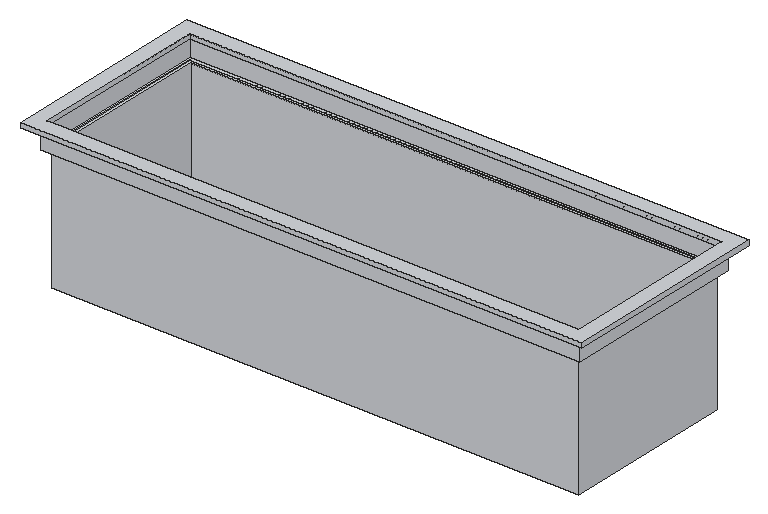
Revit family "Gira_289800", category Electrical Fixtures, host Face, Revit 2017
Family settings
  Host = Face
  Maintain Annotation Orientation = No
  Round Connector Dimension = Use Diameter
  Part Type = Normal
  Cut with Voids When Loaded = No
  Shared = No
  Room Calculation Point = No
Parameters (values of type "DB 3-g flat Gira E22")
  URL = "http://katalog.gira.de/en/datenblatt.html?artikelnr=289800"
  Shape = "Square"
  Name = "DB 3-g flat Gira E22"
  Mounting switching equipment = "Screwing"
  Model = "Other"
  Manufacturer URL = "https://www.gira.de/"
  Manufacturer = "Gira"
  Keynote = ""
  HeinzeBIM = "https://bimportal.heinze.de/bim/db-3-g-flat-gira-e22/7ba9df4ed6b5b9c265ae25da36fcfaeac6fbd20a"
  HAN = "289800"
  GTIN = "4010337066538"
  Equipped with = "None"
  Description = "DB 3g flat E22,Gira E2, Gira E22 device box for flat installation,,3-gang,Features:,- With the aid of the Gira device box and cover frame for flat installation, the Gira E2 and Gira E22 design lines can be installed flat on the wall.,- For flush-mounted installation in brickwork, the device box is inserted into an flush-mounted installation box, which is then placed in the wall.,,Notes :,- The device box has no cable retainer."
  Default Elevation = 1219.2 mm
  Data sheet (1) = "https://katalog.gira.de/en/download.html?artikelnr=289800"
  Construction type = "Built-in installation box (device box)"
  Category = "Box/housing for built-in mounting in the wall/ceiling"
  BIM (1) = "https://media.stage.bim.site/public/gira/36a6b08/E22flach_Gerätedose_3fach.rfa?public/gira/36a6b08/E22flach_Gerätedose_3fach.rfa"
  Available = "No"
Reference planes
  plane 1 "Center (Front/Back)": y = 0
  plane 2: z = 0
  plane 3 "Center (Left/Right)": x = 0
Forms (mm)
  Extrusion 1, solid, detail levels fine
    sketch origin (0, 0, 0) x (1, 0, 0) y (0, 1, 0)
      loop
        line (-113.05, -42) -> (113.05, -42) -> (113.05, 42) -> (-113.05, 42) -> (-113.05, -42)
      loop
        line (-107.207, 35.857) -> (-107.207, -35.957) -> (107.207, -35.957) -> (107.207, 35.857) -> (-107.207, 35.857)
    from -1 to 1
  Extrusion 2, solid, detail levels fine
    sketch origin (0, 0, 0) x (1, 0, 0) y (0, 1, 0)
      loop
        line (-108.55, 37.2) -> (-108.55, -37.2) -> (108.55, -37.2) -> (108.55, 37.2) -> (-108.55, 37.2)
      loop
        line (-107.207, 35.957) -> (-107.207, -35.957) -> (107.207, -35.957) -> (107.207, 35.957) -> (-107.207, 35.957)
    from -9.5 to 0
  Extrusion 3, solid, detail levels fine
    sketch origin (0, 0, 0) x (1, 0, 0) y (0, 1, 0)
      loop
        line (106, 34.75) -> (-106, 34.75) -> (-106, -34.75) -> (106, -34.75) -> (106, 34.75)
      loop
        line (-104.551, 33.301) -> (-104.551, -33.301) -> (104.551, -33.301) -> (104.551, 33.301) -> (-104.551, 33.301)
    from -59.5 to -7.5
  Extrusion 4, solid, detail levels fine
    sketch origin (0, 0, 0) x (1, 0, 0) y (0, 1, 0)
      loop
        line (-104.551, 33.301) -> (-104.551, -33.301) -> (104.551, -33.301) -> (104.551, 33.301) -> (-104.551, 33.301)
    from -59.5 to -57.5
  Extrusion 5, solid, detail levels fine
    sketch origin (0, 0, 0) x (1, 0, 0) y (0, 1, 0)
      loop
        line (-106, -34.75) -> (106, -34.75) -> (106, 34.75) -> (-106, 34.75) -> (-106, -34.75)
      loop
        line (-107.207, -35.957) -> (107.207, -35.957) -> (107.207, 35.957) -> (-107.207, 35.957) -> (-107.207, -35.957)
    from -9.5 to -7.5
  Extrusion 6, solid, detail levels coarse
    sketch origin (0, 0, 0) x (1, 0, 0) y (0, 1, 0)
      loop
        line (-113.05, -42) -> (113.05, -42) -> (113.05, 42) -> (-113.05, 42) -> (-113.05, -42)
    from -59.5 to 1
  Extrusion 7, solid, detail levels medium
    sketch origin (4.676, 0, 0) x (1, 0, 0) y (0, 1, 0)
      loop
        line (-117.726, -42) -> (108.374, -42) -> (108.374, 42) -> (-117.726, 42) -> (-117.726, -42)
    from -1 to 1
  Extrusion 8, solid, detail levels medium
    sketch origin (0, 0, 0) x (1, 0, 0) y (0, 1, 0)
      loop
        line (106, 34.75) -> (-106, 34.75) -> (-106, -34.75) -> (106, -34.75) -> (106, 34.75)
    from -59.5 to -9.5
  Extrusion 9, solid, detail levels medium
    sketch origin (0, 0, 0) x (1, 0, 0) y (0, 1, 0)
      loop
        line (-108.55, 37.2) -> (-108.55, -37.2) -> (108.55, -37.2) -> (108.55, 37.2) -> (-108.55, 37.2)
    from -9.5 to 0
Dimensions and locks
  aligned and locked: plane 2 to host face
  aligned and locked: level to host face
